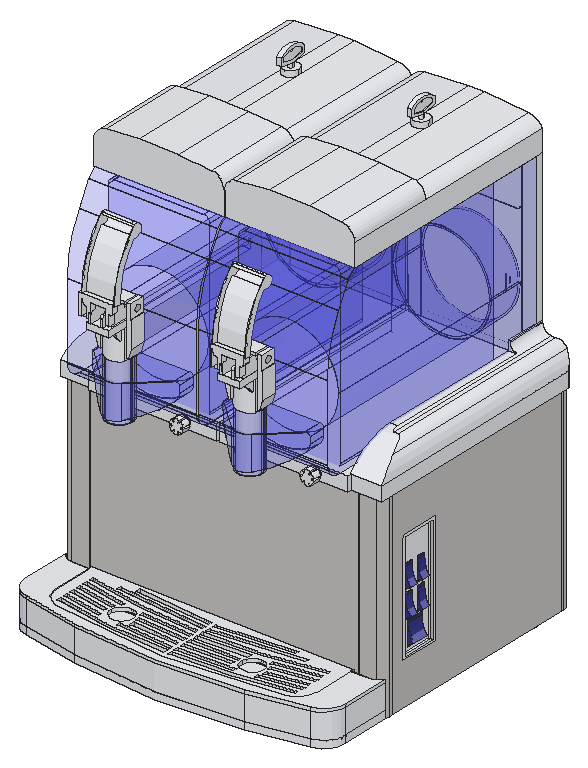
Revit family "QF_ELECTROLUXPROFESSIONAL_560099_SP2New", category Specialty Equipment, Revit 2018
Family settings
  Round Connector Dimension = Use Diameter
  Part Type = Normal
  Work Plane-Based = No
  Always vertical = Yes
  Cut with Voids When Loaded = No
  Shared = No
  Room Calculation Point = No
Parameters (values of type "Standard")
  Watts = 0 W
  Volts = 220 V
  URL Manufacturer = "http://professional.electrolux.com"
  URL = "http://professional.electrolux.com"
  Steam Supply Size = 0 mm
  Steam Supply Minimum Pressure = 0.0 Pa
  Steam Supply Maximum Pressure = 0.0 Pa
  Steam Pounds per Hour = 0
  Refrigeration Suction Line Size = 0 mm
  Refrigeration Liquid Line Size = 0 mm
  Refrigerant Compressor Remote = yes
  Manufacturer = "Electrolux Professional"
  Phase = 1
  Model = "SP2New"
  Length Actual = 447 mm  # constant formula
  Item Number = "560099"
  Hot Water Size = 0 mm
  Height Actual = 613 mm  # constant formula
  HP = "1 HP"
  Gas Size = 0 mm
  Gas KW = 0
  Gas Input Pressure = 0 W
  Direct Waste Size = 0 mm
  Description = "2x5 LITERS BOWL - FROZEN GRANITA AND FROZEN CREAM DISPENSER -  2 INSULATED BOWL"
  Depth Actual = 442 mm  # constant formula
  Cycle = 50 Hz
  Condensate Return Size = 0 mm
  Compressed Air Volume = 0.0 L/s
  Compressed Air Size = 0 mm
  Compressed Air Pressure = 0.0 Pa
  Cold Water Size = 0 mm
  Accessory = yes
Reference planes
  plane 1 "Center (Front/Back)": y = 0
  plane 2 "BASE": z = 0
  plane 3 "Center (Left/Right)": x = 0
  plane 4 "FEET": z = 14
  plane 5 "BACK": y = 212
  plane 6 "LEFT": x = -223.5
  plane 7 "RIGHT": x = 223.5
  plane 8: y = 169
  plane 9: y = -118.5
  plane 10 "BackButton": z = 362.798
  plane 11 "TOP": z = 640
  plane 12 "FRONT": y = -230
Forms (mm)
  Extrusion 1, solid, material "QF_Finishes_Rubber Black"
    sketch origin (-29, 0, 0) x (1, 0, 0) y (0, 1, 0)
      loop
        circle (-163.5, 169) r 12.5
    from 0 to 3
  Blend 2, solid
    base sketch origin (-29, 0, 0) x (1, 0, 0) y (0, 1, 0)
      loop
        circle (-163.5, 169) r 15.5
    top sketch origin (-29, 0, 0) x (1, 0, 0) y (0, 1, 0)
      loop
        circle (-163.5, 169) r 17
    from 3 to 14
  Extrusion 3, solid, material "QF_Finishes_Rubber Black"
    sketch origin (171, 0, 0) x (1, 0, 0) y (0, 1, 0)
      loop
        circle (21.5, 169) r 12.5
    from 0 to 3
  Blend 4, solid
    base sketch origin (171, 0, 0) x (1, 0, 0) y (0, 1, 0)
      loop
        circle (21.5, 169) r 15.5
    top sketch origin (171, 0, 0) x (1, 0, 0) y (0, 1, 0)
      loop
        circle (21.5, 169) r 17
    from 3 to 14
  Extrusion 5, solid, material "QF_Finishes_Rubber Black"
    sketch origin (171, -267.5, 0) x (1, 0, 0) y (0, 1, 0)
      loop
        circle (21.5, 186.5) r 12.5
    from 0 to 3
  Blend 6, solid
    base sketch origin (171, -267.5, 0) x (1, 0, 0) y (0, 1, 0)
      loop
        circle (21.5, 186.5) r 15.5
    top sketch origin (171, -267.5, 0) x (1, 0, 0) y (0, 1, 0)
      loop
        circle (21.5, 186.5) r 17
    from 3 to 14
  Extrusion 7, solid, material "QF_Finishes_Rubber Black"
    sketch origin (-29, -267.5, 0) x (1, 0, 0) y (0, 1, 0)
      loop
        circle (-163.5, 186.5) r 12.5
    from 0 to 3
  Blend 8, solid
    base sketch origin (-29, -267.5, 0) x (1, 0, 0) y (0, 1, 0)
      loop
        circle (-163.5, 186.5) r 15.5
    top sketch origin (-29, -267.5, 0) x (1, 0, 0) y (0, 1, 0)
      loop
        circle (-163.5, 186.5) r 17
    from 3 to 14
  Extrusion 9, solid, material "QF_Finishes_Stainless Steel"
    sketch origin (-198, 50, 14) x (-1, 0, 0) y (0, -1, 0)
      loop
        circle (-21.5, 81) r 10
    from 0 to -10
  Extrusion 10, solid, material "QF_Finishes_Stainless Steel"
    sketch origin (223.5, 0, 0) x (0, -1, 0) y (0, 0, 1)
      loop
        line (-195.256, 14) -> (96.764, 14) -> (96.764, 286) -> (-195.256, 286) -> (-195.256, 14)
      loop
        line (75.773, 225.287) -> (25.71, 225.287) -> (25.71, 75.287) -> (75.773, 75.287) -> (75.773, 225.287)
    from 6 to 3
  Extrusion 11, solid, material "QF_Finishes_Stainless Steel"
    sketch origin (-225.5, 0, 0) x (0, -1, 0) y (0, 0, -1)
      loop
        line (-195.256, -14) -> (-195.256, -286) -> (96.764, -286) -> (96.764, -14) -> (-195.256, -14)
    from 8 to 5
  Extrusion 12, solid, material "QF_Finishes_Stainless Steel"
    sketch origin (0, 0, 14) x (-1, 0, 0) y (0, -1, 0)
      loop
        line (-220.5, 100.829) -> (-220.5, 96.764) -> (-217.5, 96.764) -> (-217.5, 100.829)
        arc (-217.5, 100.829) -> (-215.45, 105.778) -> (-210.5, 107.829) r 7
        line (-210.5, 107.829) -> (-185.657, 107.829) -> (-185.657, 110.829) -> (-210.5, 110.829)
        arc (-210.5, 110.829) -> (-217.571, 107.9) -> (-220.5, 100.829) r 10
    from 0 to 272
  Extrusion 13, solid, material "QF_Finishes_Stainless Steel"
    sketch origin (0, 0, 14) x (1, 0, 0) y (0, 1, 0)
      loop
        arc (-220.5, -100.829) -> (-217.571, -107.9) -> (-210.5, -110.829) r 10
        line (-210.5, -110.829) -> (-185.657, -110.829) -> (-185.657, -107.829) -> (-210.5, -107.829)
        arc (-210.5, -107.829) -> (-215.45, -105.778) -> (-217.5, -100.829) r 7
        line (-217.5, -100.829) -> (-217.5, -96.764) -> (-220.5, -96.764) -> (-220.5, -100.829)
    from 0 to 272
  Extrusion 14, solid, material "QF_Finishes_Stainless Steel"
    sketch origin (0, 98.492, 14) x (-1, 0, 0) y (0, -1, 0)
      loop
        arc (-220.5, -100.829) -> (-217.571, -107.9) -> (-210.5, -110.829) r 10
        line (-210.5, -110.829) -> (-185.657, -110.829) -> (-185.657, -107.829) -> (-210.5, -107.829)
        arc (-210.5, -107.829) -> (-215.45, -105.778) -> (-217.5, -100.829) r 7
        line (-217.5, -100.829) -> (-217.5, -96.764) -> (-220.5, -96.764) -> (-220.5, -100.829)
    from 0 to 272
  Extrusion 15, solid, material "QF_Finishes_Stainless Steel"
    sketch origin (0, 98.492, 14) x (1, 0, 0) y (0, 1, 0)
      loop
        line (-220.5, 100.829) -> (-220.5, 96.764) -> (-217.5, 96.764) -> (-217.5, 100.829)
        arc (-217.5, 100.829) -> (-215.45, 105.778) -> (-210.5, 107.829) r 7
        line (-210.5, 107.829) -> (-185.657, 107.829) -> (-185.657, 110.829) -> (-210.5, 110.829)
        arc (-210.5, 110.829) -> (-217.571, 107.9) -> (-220.5, 100.829) r 10
    from 0 to 272
  Extrusion 16, solid, material "QF_Finishes_White"
    sketch origin (0, 0, 14) x (-1, 0, 0) y (0, -1, 0)
      loop
        line (185.657, -209.321) -> (185.657, -206.321) -> (-185.657, -206.321) -> (-185.657, -209.321) -> (185.657, -209.321)
    from 0 to 272
  Extrusion 17, solid, material "QF_Finishes_Stainless Steel"
    sketch origin (0, 0, 14) x (-1, 0, 0) y (0, -1, 0)
      loop
        line (185.657, 107.829) -> (185.657, 110.829) -> (-185.657, 110.829) -> (-185.657, 107.829) -> (185.657, 107.829)
    from 0 to 272
  Extrusion 18, solid, material "QF_Finishes_White"
    sketch origin (0, 0, 0) x (0, 1, 0) y (0, 0, 1)
      loop
        line (-77.773, 227.287) -> (-77.773, 73.287) -> (-23.71, 73.287) -> (-23.71, 227.287) -> (-77.773, 227.287)
    from 210.5 to 220.5
  Extrusion 19, void
    sketch origin (0, 0, 0) x (0, 1, 0) y (0, 0, 1)
      loop
        line (-75.773, 225.287) -> (-75.773, 75.287) -> (-25.71, 75.287) -> (-25.71, 225.287) -> (-75.773, 225.287)
    from 212.5 to 220.5
  Extrusion 20, solid, material "QF_Finishes_Rubber Black"
    sketch origin (0, -225, 0) x (-1, 0, 0) y (0, 0, 1)
      loop
        line (-212.5, 113.524) -> (-214.745, 113.524) -> (-214.745, 110.624)
        arc (-214.745, 110.624) -> (-216.502, 98.098) -> (-221.637, 86.539) r 45.529
        line (-221.637, 86.539) -> (-214.745, 83.471) -> (-214.745, 81.362) -> (-212.5, 81.362) -> (-212.5, 113.524)
    from 186 to 163
  Extrusion 21, solid, material "QF_Finishes_Rubber Black"
    sketch origin (0, -225, 0) x (-1, 0, 0) y (0, 0, 1)
      loop
        line (-212.5, 185.457) -> (-214.745, 185.457) -> (-214.745, 182.557)
        arc (-214.745, 182.557) -> (-216.502, 170.032) -> (-221.637, 158.473) r 45.529
        line (-221.637, 158.473) -> (-214.745, 155.405) -> (-214.745, 153.296) -> (-212.5, 153.296) -> (-212.5, 185.457)
    from 190 to 180
  Extrusion 22, solid, material "QF_Finishes_Rubber Black"
    sketch origin (0, -225, 0) x (-1, 0, 0) y (0, 0, 1)
      loop
        line (-212.5, 148.728) -> (-214.745, 148.728) -> (-214.745, 145.828)
        arc (-214.745, 145.828) -> (-216.502, 133.303) -> (-221.637, 121.744) r 45.529
        line (-221.637, 121.744) -> (-214.745, 118.675) -> (-214.745, 116.567) -> (-212.5, 116.567) -> (-212.5, 148.728)
    from 190 to 180
  Extrusion 23, solid, material "QF_Finishes_Rubber Black"
    sketch origin (0, 123.518, 0) x (-1, 0, 0) y (0, 0, -1)
      loop
        line (-212.5, -185.457) -> (-212.5, -153.296) -> (-214.745, -153.296) -> (-214.745, -155.405) -> (-221.637, -158.473)
        arc (-221.637, -158.473) -> (-216.502, -170.032) -> (-214.745, -182.557) r 45.529
        line (-214.745, -182.557) -> (-214.745, -185.457) -> (-212.5, -185.457)
    from 190 to 180
  Extrusion 24, solid, material "QF_Finishes_Rubber Black"
    sketch origin (0, 123.518, 0) x (-1, 0, 0) y (0, 0, -1)
      loop
        line (-212.5, -148.728) -> (-212.5, -116.567) -> (-214.745, -116.567) -> (-214.745, -118.675) -> (-221.637, -121.744)
        arc (-221.637, -121.744) -> (-216.502, -133.303) -> (-214.745, -145.828) r 45.529
        line (-214.745, -145.828) -> (-214.745, -148.728) -> (-212.5, -148.728)
    from 190 to 180
  Extrusion 25, solid, material "QF_Finishes_White"
    sketch origin (0, 0, 14) x (-1, 0, 0) y (0, -1, 0)
      loop
        arc (203.5, 118) -> (213.228, 115.474) -> (220.5, 108.536) r 20
        line (220.5, 108.536) -> (220.5, 176.53)
        arc (220.5, 176.53) -> (213.649, 195.612) -> (196.224, 205.979) r 30
        line (196.224, 205.979) -> (117.634, 221.255)
        arc (117.634, 221.255) -> (0, 230) -> (-117.634, 221.255) r 795.559
        line (-117.634, 221.255) -> (-196.224, 205.979)
        arc (-196.224, 205.979) -> (-213.649, 195.612) -> (-220.5, 176.53) r 30
        line (-220.5, 176.53) -> (-220.5, 108.536)
        arc (-220.5, 108.536) -> (-213.228, 115.474) -> (-203.5, 118) r 20
        line (-203.5, 118) -> (-180.657, 118) -> (-180.657, 174.118)
        arc (-180.657, 174.118) -> (-173.912, 193.071) -> (-156.71, 203.501) r 30
        arc (-156.71, 203.501) -> (0, 219.475) -> (156.71, 203.501) r 776.665
        arc (156.71, 203.501) -> (173.912, 193.071) -> (180.657, 174.118) r 30
        line (180.657, 174.118) -> (180.657, 118) -> (203.5, 118)
    from 0 to 49
  Extrusion 26, solid, material "QF_Finishes_White"
    sketch origin (0, 0, 14) x (-1, 0, 0) y (0, -1, 0)
      loop
        line (220.5, 108.536) -> (220.5, 176.53)
        arc (220.5, 176.53) -> (213.649, 195.612) -> (196.224, 205.979) r 30
        line (196.224, 205.979) -> (117.634, 221.255)
        arc (117.634, 221.255) -> (0, 230) -> (-117.634, 221.255) r 795.559
        line (-117.634, 221.255) -> (-196.224, 205.979)
        arc (-196.224, 205.979) -> (-213.649, 195.612) -> (-220.5, 176.53) r 30
        line (-220.5, 176.53) -> (-220.5, 108.536)
        arc (-220.5, 108.536) -> (-213.228, 115.474) -> (-203.5, 118) r 20
        line (-203.5, 118) -> (-180, 118) -> (-180, 113) -> (180, 113) -> (180, 118) -> (203.5, 118)
        arc (203.5, 118) -> (213.228, 115.474) -> (220.5, 108.536) r 20
    from 45 to 49
  Extrusion 27, solid, material "QF_Finishes_White"
    sketch origin (0, 0, 14) x (-1, 0, 0) y (0, -1, 0)
      loop
        line (220.5, 108.536) -> (220.5, 176.53)
        arc (220.5, 176.53) -> (213.649, 195.612) -> (196.224, 205.979) r 30
        line (196.224, 205.979) -> (117.634, 221.255)
        arc (117.634, 221.255) -> (0, 230) -> (-117.634, 221.255) r 795.559
        line (-117.634, 221.255) -> (-196.224, 205.979)
        arc (-196.224, 205.979) -> (-213.649, 195.612) -> (-220.5, 176.53) r 30
        line (-220.5, 176.53) -> (-220.5, 108.536)
        arc (-220.5, 108.536) -> (-213.228, 115.474) -> (-203.5, 118) r 20
        line (-203.5, 118) -> (-180, 118) -> (-180, 113) -> (180, 113) -> (180, 118) -> (203.5, 118)
        arc (203.5, 118) -> (213.228, 115.474) -> (220.5, 108.536) r 20
    from 0 to 10
  Extrusion 28, void
    sketch origin (0, 0, 14) x (-1, 0, 0) y (0, -1, 0)
      loop
        circle (90, 174.177) r 15.5
      loop
        arc (164.485, 193.398) -> (84.102, 206.528) -> (2.783, 211.117) r 772.106
        line (2.783, 211.117) -> (2.783, 205.117)
        arc (2.783, 205.117) -> (84.109, 200.491) -> (164.485, 187.256) r 766.106
        line (164.485, 187.256) -> (164.485, 193.398)
      loop
        line (2.783, 200.117) -> (2.783, 194.117)
        arc (2.783, 194.117) -> (41.62, 192.974) -> (80.347, 189.836) r 755.106
        line (80.347, 189.836) -> (80.347, 195.869)
        arc (80.347, 195.869) -> (41.619, 198.984) -> (2.783, 200.117) r 761.106
      loop
        line (2.783, 189.117) -> (2.783, 183.117)
        arc (2.783, 183.117) -> (36.168, 182.243) -> (69.481, 179.871) r 744.106
        line (69.481, 179.871) -> (69.481, 185.897)
        arc (69.481, 185.897) -> (36.168, 188.25) -> (2.783, 189.117) r 750.106
      loop
        line (2.783, 178.117) -> (2.783, 172.117)
        arc (2.783, 172.117) -> (37.054, 171.185) -> (71.244, 168.652) r 733.106
        line (71.244, 168.652) -> (71.244, 174.681)
        arc (71.244, 174.681) -> (37.054, 177.193) -> (2.783, 178.117) r 739.106
      loop
        line (2.783, 167.117) -> (2.783, 161.117)
        arc (2.783, 161.117) -> (38.826, 160.078) -> (74.773, 157.241) r 722.106
        line (74.773, 157.241) -> (74.773, 163.273)
        arc (74.773, 163.273) -> (38.825, 166.086) -> (2.783, 167.117) r 728.106
      loop
        line (2.783, 156.117) -> (2.783, 150.117)
        arc (2.783, 150.117) -> (84.188, 145.121) -> (164.485, 130.837) r 711.106
        line (164.485, 130.837) -> (164.485, 137.003)
        arc (164.485, 137.003) -> (84.178, 151.165) -> (2.783, 156.117) r 717.106
      loop
        line (107.446, 192.5) -> (107.446, 186.439)
        arc (107.446, 186.439) -> (136.066, 181.762) -> (164.485, 175.99) r 755.106
        line (164.485, 175.99) -> (164.485, 182.136)
        arc (164.485, 182.136) -> (136.064, 187.861) -> (107.446, 192.5) r 761.106
      loop
        line (110.037, 181.007) -> (110.037, 174.941)
        arc (110.037, 174.941) -> (137.356, 170.335) -> (164.485, 164.715) r 744.106
        line (164.485, 164.715) -> (164.485, 170.866)
        arc (164.485, 170.866) -> (137.355, 176.439) -> (110.037, 181.007) r 750.106
      loop
        line (107.446, 170.271) -> (107.446, 164.206)
        arc (107.446, 164.206) -> (136.072, 159.383) -> (164.485, 153.432) r 733.106
        line (164.485, 153.432) -> (164.485, 159.587)
        arc (164.485, 159.587) -> (136.071, 165.489) -> (107.446, 170.271) r 739.106
      loop
        line (101.843, 159.965) -> (101.843, 153.904)
        arc (101.843, 153.904) -> (133.294, 148.713) -> (164.485, 142.139) r 722.106
        line (164.485, 142.139) -> (164.485, 148.3)
        arc (164.485, 148.3) -> (133.292, 154.818) -> (101.843, 159.965) r 728.106
      loop
        line (2.763, 145.117) -> (2.763, 139.117)
        arc (2.763, 139.117) -> (66.368, 135.969) -> (129.424, 127.055) r 700.106
        line (129.424, 127.055) -> (129.424, 133.16)
        arc (129.424, 133.16) -> (66.364, 141.997) -> (2.763, 145.117) r 706.106
      loop
        line (2.72, 134.117) -> (2.72, 128.117)
        arc (2.72, 128.117) -> (56.552, 125.798) -> (110.037, 119.28) r 689.106
        line (110.037, 119.28) -> (110.037, 125.358)
        arc (110.037, 125.358) -> (56.549, 131.818) -> (2.72, 134.117) r 695.106
      loop
        circle (-90, 174.177) r 15.5
      loop
        line (-164.485, 193.398) -> (-164.485, 187.256)
        arc (-164.485, 187.256) -> (-84.109, 200.491) -> (-2.783, 205.117) r 766.106
        line (-2.783, 205.117) -> (-2.783, 211.117)
        arc (-2.783, 211.117) -> (-84.102, 206.528) -> (-164.485, 193.398) r 772.106
      loop
        arc (-2.783, 200.117) -> (-41.619, 198.984) -> (-80.347, 195.869) r 761.106
        line (-80.347, 195.869) -> (-80.347, 189.836)
        arc (-80.347, 189.836) -> (-41.62, 192.974) -> (-2.783, 194.117) r 755.106
        line (-2.783, 194.117) -> (-2.783, 200.117)
      loop
        arc (-2.783, 189.117) -> (-36.168, 188.25) -> (-69.481, 185.897) r 750.106
        line (-69.481, 185.897) -> (-69.481, 179.871)
        arc (-69.481, 179.871) -> (-36.168, 182.243) -> (-2.783, 183.117) r 744.106
        line (-2.783, 183.117) -> (-2.783, 189.117)
      loop
        arc (-2.783, 178.117) -> (-37.054, 177.193) -> (-71.244, 174.681) r 739.106
        line (-71.244, 174.681) -> (-71.244, 168.652)
        arc (-71.244, 168.652) -> (-37.054, 171.185) -> (-2.783, 172.117) r 733.106
        line (-2.783, 172.117) -> (-2.783, 178.117)
      loop
        arc (-2.783, 167.117) -> (-38.825, 166.086) -> (-74.773, 163.273) r 728.106
        line (-74.773, 163.273) -> (-74.773, 157.241)
        arc (-74.773, 157.241) -> (-38.826, 160.078) -> (-2.783, 161.117) r 722.106
        line (-2.783, 161.117) -> (-2.783, 167.117)
      loop
        arc (-2.783, 156.117) -> (-84.178, 151.165) -> (-164.485, 137.003) r 717.106
        line (-164.485, 137.003) -> (-164.485, 130.837)
        arc (-164.485, 130.837) -> (-84.188, 145.121) -> (-2.783, 150.117) r 711.106
        line (-2.783, 150.117) -> (-2.783, 156.117)
      loop
        arc (-107.446, 192.5) -> (-136.064, 187.861) -> (-164.485, 182.136) r 761.106
        line (-164.485, 182.136) -> (-164.485, 175.99)
        arc (-164.485, 175.99) -> (-136.066, 181.762) -> (-107.446, 186.439) r 755.106
        line (-107.446, 186.439) -> (-107.446, 192.5)
      loop
        arc (-110.037, 181.007) -> (-137.355, 176.439) -> (-164.485, 170.866) r 750.106
        line (-164.485, 170.866) -> (-164.485, 164.715)
        arc (-164.485, 164.715) -> (-137.356, 170.335) -> (-110.037, 174.941) r 744.106
        line (-110.037, 174.941) -> (-110.037, 181.007)
      loop
        arc (-107.446, 170.271) -> (-136.071, 165.489) -> (-164.485, 159.587) r 739.106
        line (-164.485, 159.587) -> (-164.485, 153.432)
        arc (-164.485, 153.432) -> (-136.072, 159.383) -> (-107.446, 164.206) r 733.106
        line (-107.446, 164.206) -> (-107.446, 170.271)
      loop
        arc (-101.843, 159.965) -> (-133.292, 154.818) -> (-164.485, 148.3) r 728.106
        line (-164.485, 148.3) -> (-164.485, 142.139)
        arc (-164.485, 142.139) -> (-133.294, 148.713) -> (-101.843, 153.904) r 722.106
        line (-101.843, 153.904) -> (-101.843, 159.965)
      loop
        arc (-2.763, 145.117) -> (-66.364, 141.997) -> (-129.424, 133.16) r 706.106
        line (-129.424, 133.16) -> (-129.424, 127.055)
        arc (-129.424, 127.055) -> (-66.368, 135.969) -> (-2.763, 139.117) r 700.106
        line (-2.763, 139.117) -> (-2.763, 145.117)
      loop
        arc (-2.72, 134.117) -> (-56.549, 131.818) -> (-110.037, 125.358) r 695.106
        line (-110.037, 125.358) -> (-110.037, 119.28)
        arc (-110.037, 119.28) -> (-56.552, 125.798) -> (-2.72, 128.117) r 689.106
        line (-2.72, 128.117) -> (-2.72, 134.117)
    from 35.454 to 54.996
  Extrusion 29, solid, material "QF_Clearances", detail levels coarse
    sketch origin (888.173, -11.659, 0) x (1, 0, 0) y (0, 1, 0)
      loop
        line (-1111.81, -218.341) -> (-1111.81, 223.659) -> (-664.81, 223.659) -> (-664.81, -218.341) -> (-464.81, -218.341) -> (-464.81, 423.659) -> (-1311.81, 423.659) -> (-1311.81, -218.341) -> (-1111.81, -218.341)
    from 0 to 640
Cuts and joins
  Extrusion 19 cuts Extrusion 18
  Extrusion 28 cuts Extrusion 26
  Extrusion 28 cuts Extrusion 27
Lines and regions (mm)
  Split face 1
    outline origin (220.5, 154.141, 0) x (0, -1, 0) y (0, 0, 1)
      loop
        line (54.641, 200.213) -> (-10.359, 200.213) -> (-14.859, 192.213) -> (59.141, 192.213) -> (54.641, 200.213)
  Split face 2
    outline origin (220.5, 154.141, -10) x (0, -1, 0) y (0, 0, 1)
      loop
        line (54.641, 200.213) -> (-10.359, 200.213) -> (-14.859, 192.213) -> (59.141, 192.213) -> (54.641, 200.213)
  Split face 3
    outline origin (220.5, 154.141, -20) x (0, -1, 0) y (0, 0, 1)
      loop
        line (54.641, 200.213) -> (-10.359, 200.213) -> (-14.859, 192.213) -> (59.141, 192.213) -> (54.641, 200.213)
  Split face 4
    outline origin (220.5, 154.141, -30) x (0, -1, 0) y (0, 0, 1)
      loop
        line (54.641, 200.213) -> (-10.359, 200.213) -> (-14.859, 192.213) -> (59.141, 192.213) -> (54.641, 200.213)
  Split face 5
    outline origin (220.5, 154.141, -40) x (0, -1, 0) y (0, 0, 1)
      loop
        line (54.641, 200.213) -> (-10.359, 200.213) -> (-14.859, 192.213) -> (59.141, 192.213) -> (54.641, 200.213)
  Split face 6
    outline origin (220.5, 154.141, -50) x (0, -1, 0) y (0, 0, 1)
      loop
        line (54.641, 200.213) -> (-10.359, 200.213) -> (-14.859, 192.213) -> (59.141, 192.213) -> (54.641, 200.213)
  Split face 7
    outline origin (220.5, 154.141, -60) x (0, -1, 0) y (0, 0, 1)
      loop
        line (54.641, 200.213) -> (-10.359, 200.213) -> (-14.859, 192.213) -> (59.141, 192.213) -> (54.641, 200.213)
  Split face 8
    outline origin (220.5, 154.141, -70) x (0, -1, 0) y (0, 0, 1)
      loop
        line (54.641, 200.213) -> (-10.359, 200.213) -> (-14.859, 192.213) -> (59.141, 192.213) -> (54.641, 200.213)
  Split face 9
    outline origin (220.5, 154.141, -80) x (0, -1, 0) y (0, 0, 1)
      loop
        line (54.641, 200.213) -> (-10.359, 200.213) -> (-14.859, 192.213) -> (59.141, 192.213) -> (54.641, 200.213)
  Split face 10
    outline origin (220.5, 154.141, -90) x (0, -1, 0) y (0, 0, 1)
      loop
        line (54.641, 200.213) -> (-10.359, 200.213) -> (-14.859, 192.213) -> (59.141, 192.213) -> (54.641, 200.213)
  Split face 11
    outline origin (220.5, 154.141, -100) x (0, -1, 0) y (0, 0, 1)
      loop
        line (54.641, 200.213) -> (-10.359, 200.213) -> (-14.859, 192.213) -> (59.141, 192.213) -> (54.641, 200.213)
  Split face 12
    outline origin (220.5, 154.141, -110) x (0, -1, 0) y (0, 0, 1)
      loop
        line (54.641, 200.213) -> (-10.359, 200.213) -> (-14.859, 192.213) -> (59.141, 192.213) -> (54.641, 200.213)
  Split face 13
    outline origin (220.5, 154.141, -120) x (0, -1, 0) y (0, 0, 1)
      loop
        line (54.641, 200.213) -> (-10.359, 200.213) -> (-14.859, 192.213) -> (59.141, 192.213) -> (54.641, 200.213)
  Split face 14
    outline origin (220.5, 154.141, -130) x (0, -1, 0) y (0, 0, 1)
      loop
        line (54.641, 200.213) -> (-10.359, 200.213) -> (-14.859, 192.213) -> (59.141, 192.213) -> (54.641, 200.213)
  Split face 15
    outline origin (220.5, 154.141, -140) x (0, -1, 0) y (0, 0, 1)
      loop
        line (54.641, 200.213) -> (-10.359, 200.213) -> (-14.859, 192.213) -> (59.141, 192.213) -> (54.641, 200.213)
  Split face 16
    outline origin (220.5, 154.141, -150) x (0, -1, 0) y (0, 0, 1)
      loop
        line (54.641, 200.213) -> (-10.359, 200.213) -> (-14.859, 192.213) -> (59.141, 192.213) -> (54.641, 200.213)
  Split face 17
    outline origin (220.5, 154.141, 70) x (0, -1, 0) y (0, 0, 1)
      loop
        line (54.641, 200.213) -> (-10.359, 200.213) -> (-14.859, 192.213) -> (59.141, 192.213) -> (54.641, 200.213)
  Split face 18
    outline origin (220.5, 154.141, 60) x (0, -1, 0) y (0, 0, 1)
      loop
        line (54.641, 200.213) -> (-10.359, 200.213) -> (-14.859, 192.213) -> (59.141, 192.213) -> (54.641, 200.213)
  Split face 19
    outline origin (220.5, 154.141, 50) x (0, -1, 0) y (0, 0, 1)
      loop
        line (54.641, 200.213) -> (-10.359, 200.213) -> (-14.859, 192.213) -> (59.141, 192.213) -> (54.641, 200.213)
  Split face 20
    outline origin (220.5, 154.141, 40) x (0, -1, 0) y (0, 0, 1)
      loop
        line (54.641, 200.213) -> (-10.359, 200.213) -> (-14.859, 192.213) -> (59.141, 192.213) -> (54.641, 200.213)
  Split face 21
    outline origin (220.5, 154.141, 30) x (0, -1, 0) y (0, 0, 1)
      loop
        line (54.641, 200.213) -> (-10.359, 200.213) -> (-14.859, 192.213) -> (59.141, 192.213) -> (54.641, 200.213)
  Split face 22
    outline origin (220.5, 154.141, 20) x (0, -1, 0) y (0, 0, 1)
      loop
        line (54.641, 200.213) -> (-10.359, 200.213) -> (-14.859, 192.213) -> (59.141, 192.213) -> (54.641, 200.213)
  Split face 23
    outline origin (220.5, 154.141, 10) x (0, -1, 0) y (0, 0, 1)
      loop
        line (54.641, 200.213) -> (-10.359, 200.213) -> (-14.859, 192.213) -> (59.141, 192.213) -> (54.641, 200.213)
  Split face 24
    outline origin (-220.5, -2.859, 0) x (0, -1, 0) y (0, 0, -1)
      loop
        line (-30.859, -262.213) -> (-104.859, -262.213) -> (-100.359, -270.213) -> (-35.359, -270.213) -> (-30.859, -262.213)
  Split face 25
    outline origin (-220.5, -2.859, 0) x (0, -1, 0) y (0, 0, -1)
      loop
        line (-30.859, -252.213) -> (-104.859, -252.213) -> (-100.359, -260.213) -> (-35.359, -260.213) -> (-30.859, -252.213)
  Split face 26
    outline origin (-220.5, -2.859, 0) x (0, -1, 0) y (0, 0, -1)
      loop
        line (-30.859, -242.213) -> (-104.859, -242.213) -> (-100.359, -250.213) -> (-35.359, -250.213) -> (-30.859, -242.213)
  Split face 27
    outline origin (-220.5, -2.859, -20) x (0, -1, 0) y (0, 0, -1)
      loop
        line (-30.859, -252.213) -> (-104.859, -252.213) -> (-100.359, -260.213) -> (-35.359, -260.213) -> (-30.859, -252.213)
  Split face 28
    outline origin (-220.5, -2.859, -20) x (0, -1, 0) y (0, 0, -1)
      loop
        line (-30.859, -242.213) -> (-104.859, -242.213) -> (-100.359, -250.213) -> (-35.359, -250.213) -> (-30.859, -242.213)
  Split face 29
    outline origin (-220.5, -2.859, -40) x (0, -1, 0) y (0, 0, -1)
      loop
        line (-30.859, -252.213) -> (-104.859, -252.213) -> (-100.359, -260.213) -> (-35.359, -260.213) -> (-30.859, -252.213)
  Split face 30
    outline origin (-220.5, -2.859, -40) x (0, -1, 0) y (0, 0, -1)
      loop
        line (-30.859, -242.213) -> (-104.859, -242.213) -> (-100.359, -250.213) -> (-35.359, -250.213) -> (-30.859, -242.213)
  Split face 31
    outline origin (-220.5, -2.859, -60) x (0, -1, 0) y (0, 0, -1)
      loop
        line (-30.859, -252.213) -> (-104.859, -252.213) -> (-100.359, -260.213) -> (-35.359, -260.213) -> (-30.859, -252.213)
  Split face 32
    outline origin (-220.5, -2.859, -60) x (0, -1, 0) y (0, 0, -1)
      loop
        line (-30.859, -242.213) -> (-104.859, -242.213) -> (-100.359, -250.213) -> (-35.359, -250.213) -> (-30.859, -242.213)
  Split face 33
    outline origin (-220.5, -2.859, -80) x (0, -1, 0) y (0, 0, -1)
      loop
        line (-30.859, -252.213) -> (-104.859, -252.213) -> (-100.359, -260.213) -> (-35.359, -260.213) -> (-30.859, -252.213)
  Split face 34
    outline origin (-220.5, -2.859, -80) x (0, -1, 0) y (0, 0, -1)
      loop
        line (-30.859, -242.213) -> (-104.859, -242.213) -> (-100.359, -250.213) -> (-35.359, -250.213) -> (-30.859, -242.213)
  Split face 35
    outline origin (-220.5, -2.859, -100) x (0, -1, 0) y (0, 0, -1)
      loop
        line (-30.859, -252.213) -> (-104.859, -252.213) -> (-100.359, -260.213) -> (-35.359, -260.213) -> (-30.859, -252.213)
  Split face 36
    outline origin (-220.5, -2.859, -100) x (0, -1, 0) y (0, 0, -1)
      loop
        line (-30.859, -242.213) -> (-104.859, -242.213) -> (-100.359, -250.213) -> (-35.359, -250.213) -> (-30.859, -242.213)
  Split face 37
    outline origin (-220.5, -2.859, -120) x (0, -1, 0) y (0, 0, -1)
      loop
        line (-30.859, -252.213) -> (-104.859, -252.213) -> (-100.359, -260.213) -> (-35.359, -260.213) -> (-30.859, -252.213)
  Split face 38
    outline origin (-220.5, -2.859, -120) x (0, -1, 0) y (0, 0, -1)
      loop
        line (-30.859, -242.213) -> (-104.859, -242.213) -> (-100.359, -250.213) -> (-35.359, -250.213) -> (-30.859, -242.213)
  Split face 39
    outline origin (-220.5, -2.859, -140) x (0, -1, 0) y (0, 0, -1)
      loop
        line (-30.859, -252.213) -> (-104.859, -252.213) -> (-100.359, -260.213) -> (-35.359, -260.213) -> (-30.859, -252.213)
  Split face 40
    outline origin (-220.5, -2.859, -140) x (0, -1, 0) y (0, 0, -1)
      loop
        line (-30.859, -242.213) -> (-104.859, -242.213) -> (-100.359, -250.213) -> (-35.359, -250.213) -> (-30.859, -242.213)
  Split face 41
    outline origin (-220.5, -2.859, -160) x (0, -1, 0) y (0, 0, -1)
      loop
        line (-30.859, -252.213) -> (-104.859, -252.213) -> (-100.359, -260.213) -> (-35.359, -260.213) -> (-30.859, -252.213)
  Split face 42
    outline origin (-220.5, -2.859, -160) x (0, -1, 0) y (0, 0, -1)
      loop
        line (-30.859, -242.213) -> (-104.859, -242.213) -> (-100.359, -250.213) -> (-35.359, -250.213) -> (-30.859, -242.213)
  Split face 43
    outline origin (-220.5, -2.859, -180) x (0, -1, 0) y (0, 0, -1)
      loop
        line (-30.859, -252.213) -> (-104.859, -252.213) -> (-100.359, -260.213) -> (-35.359, -260.213) -> (-30.859, -252.213)
  Split face 44
    outline origin (-220.5, -2.859, -180) x (0, -1, 0) y (0, 0, -1)
      loop
        line (-30.859, -242.213) -> (-104.859, -242.213) -> (-100.359, -250.213) -> (-35.359, -250.213) -> (-30.859, -242.213)
  Split face 45
    outline origin (-220.5, -2.859, -200) x (0, -1, 0) y (0, 0, -1)
      loop
        line (-30.859, -252.213) -> (-104.859, -252.213) -> (-100.359, -260.213) -> (-35.359, -260.213) -> (-30.859, -252.213)
  Split face 46
    outline origin (-220.5, -2.859, -200) x (0, -1, 0) y (0, 0, -1)
      loop
        line (-30.859, -242.213) -> (-104.859, -242.213) -> (-100.359, -250.213) -> (-35.359, -250.213) -> (-30.859, -242.213)
  Split face 47
    outline origin (-220.5, -92.859, 0) x (0, -1, 0) y (0, 0, -1)
      loop
        line (-30.859, -262.213) -> (-104.859, -262.213) -> (-100.359, -270.213) -> (-35.359, -270.213) -> (-30.859, -262.213)
  Split face 48
    outline origin (-220.5, -92.859, 0) x (0, -1, 0) y (0, 0, -1)
      loop
        line (-30.859, -252.213) -> (-104.859, -252.213) -> (-100.359, -260.213) -> (-35.359, -260.213) -> (-30.859, -252.213)
  Split face 49
    outline origin (-220.5, -92.859, 0) x (0, -1, 0) y (0, 0, -1)
      loop
        line (-30.859, -242.213) -> (-104.859, -242.213) -> (-100.359, -250.213) -> (-35.359, -250.213) -> (-30.859, -242.213)
  Split face 50
    outline origin (-220.5, -92.859, -20) x (0, -1, 0) y (0, 0, -1)
      loop
        line (-30.859, -252.213) -> (-104.859, -252.213) -> (-100.359, -260.213) -> (-35.359, -260.213) -> (-30.859, -252.213)
  Split face 51
    outline origin (-220.5, -92.859, -20) x (0, -1, 0) y (0, 0, -1)
      loop
        line (-30.859, -242.213) -> (-104.859, -242.213) -> (-100.359, -250.213) -> (-35.359, -250.213) -> (-30.859, -242.213)
  Split face 52
    outline origin (-220.5, -92.859, -40) x (0, -1, 0) y (0, 0, -1)
      loop
        line (-30.859, -252.213) -> (-104.859, -252.213) -> (-100.359, -260.213) -> (-35.359, -260.213) -> (-30.859, -252.213)
  Split face 53
    outline origin (-220.5, -92.859, -40) x (0, -1, 0) y (0, 0, -1)
      loop
        line (-30.859, -242.213) -> (-104.859, -242.213) -> (-100.359, -250.213) -> (-35.359, -250.213) -> (-30.859, -242.213)
  Split face 54
    outline origin (-220.5, -92.859, -60) x (0, -1, 0) y (0, 0, -1)
      loop
        line (-30.859, -252.213) -> (-104.859, -252.213) -> (-100.359, -260.213) -> (-35.359, -260.213) -> (-30.859, -252.213)
  Split face 55
    outline origin (-220.5, -92.859, -60) x (0, -1, 0) y (0, 0, -1)
      loop
        line (-30.859, -242.213) -> (-104.859, -242.213) -> (-100.359, -250.213) -> (-35.359, -250.213) -> (-30.859, -242.213)
  Split face 56
    outline origin (-220.5, -92.859, -80) x (0, -1, 0) y (0, 0, -1)
      loop
        line (-30.859, -252.213) -> (-104.859, -252.213) -> (-100.359, -260.213) -> (-35.359, -260.213) -> (-30.859, -252.213)
  Split face 57
    outline origin (-220.5, -92.859, -80) x (0, -1, 0) y (0, 0, -1)
      loop
        line (-30.859, -242.213) -> (-104.859, -242.213) -> (-100.359, -250.213) -> (-35.359, -250.213) -> (-30.859, -242.213)
  Split face 58
    outline origin (-220.5, -92.859, -100) x (0, -1, 0) y (0, 0, -1)
      loop
        line (-30.859, -252.213) -> (-104.859, -252.213) -> (-100.359, -260.213) -> (-35.359, -260.213) -> (-30.859, -252.213)
  Split face 59
    outline origin (-220.5, -92.859, -100) x (0, -1, 0) y (0, 0, -1)
      loop
        line (-30.859, -242.213) -> (-104.859, -242.213) -> (-100.359, -250.213) -> (-35.359, -250.213) -> (-30.859, -242.213)
  Split face 60
    outline origin (-220.5, -92.859, -120) x (0, -1, 0) y (0, 0, -1)
      loop
        line (-30.859, -252.213) -> (-104.859, -252.213) -> (-100.359, -260.213) -> (-35.359, -260.213) -> (-30.859, -252.213)
  Split face 61
    outline origin (-220.5, -92.859, -120) x (0, -1, 0) y (0, 0, -1)
      loop
        line (-30.859, -242.213) -> (-104.859, -242.213) -> (-100.359, -250.213) -> (-35.359, -250.213) -> (-30.859, -242.213)
  Split face 62
    outline origin (-220.5, -92.859, -140) x (0, -1, 0) y (0, 0, -1)
      loop
        line (-30.859, -252.213) -> (-104.859, -252.213) -> (-100.359, -260.213) -> (-35.359, -260.213) -> (-30.859, -252.213)
  Split face 63
    outline origin (-220.5, -92.859, -140) x (0, -1, 0) y (0, 0, -1)
      loop
        line (-30.859, -242.213) -> (-104.859, -242.213) -> (-100.359, -250.213) -> (-35.359, -250.213) -> (-30.859, -242.213)
  Split face 64
    outline origin (-220.5, -92.859, -160) x (0, -1, 0) y (0, 0, -1)
      loop
        line (-30.859, -252.213) -> (-104.859, -252.213) -> (-100.359, -260.213) -> (-35.359, -260.213) -> (-30.859, -252.213)
  Split face 65
    outline origin (-220.5, -92.859, -160) x (0, -1, 0) y (0, 0, -1)
      loop
        line (-30.859, -242.213) -> (-104.859, -242.213) -> (-100.359, -250.213) -> (-35.359, -250.213) -> (-30.859, -242.213)
  Split face 66
    outline origin (-220.5, -92.859, -180) x (0, -1, 0) y (0, 0, -1)
      loop
        line (-30.859, -252.213) -> (-104.859, -252.213) -> (-100.359, -260.213) -> (-35.359, -260.213) -> (-30.859, -252.213)
  Split face 67
    outline origin (-220.5, -92.859, -180) x (0, -1, 0) y (0, 0, -1)
      loop
        line (-30.859, -242.213) -> (-104.859, -242.213) -> (-100.359, -250.213) -> (-35.359, -250.213) -> (-30.859, -242.213)
  Split face 68
    outline origin (-220.5, -92.859, -200) x (0, -1, 0) y (0, 0, -1)
      loop
        line (-30.859, -252.213) -> (-104.859, -252.213) -> (-100.359, -260.213) -> (-35.359, -260.213) -> (-30.859, -252.213)
  Split face 69
    outline origin (-220.5, -92.859, -200) x (0, -1, 0) y (0, 0, -1)
      loop
        line (-30.859, -242.213) -> (-104.859, -242.213) -> (-100.359, -250.213) -> (-35.359, -250.213) -> (-30.859, -242.213)
  Split face 70
    outline origin (-183.458, 209.321, 14) x (1, 0, 0) y (0, 0, -1)
      loop
        line (19.909, -204.404) -> (29.909, -204.404) -> (29.909, -141.98) -> (19.909, -141.98) -> (19.909, -204.404)
  Split face 71
    outline origin (-170.409, 209.321, 14) x (1, 0, 0) y (0, 0, -1)
      loop
        line (19.909, -204.404) -> (29.909, -204.404) -> (29.909, -141.98) -> (19.909, -141.98) -> (19.909, -204.404)
  Split face 72
    outline origin (-157.409, 209.321, 14) x (1, 0, 0) y (0, 0, -1)
      loop
        line (19.909, -204.404) -> (29.909, -204.404) -> (29.909, -141.98) -> (19.909, -141.98) -> (19.909, -204.404)
  Split face 73
    outline origin (-144.409, 209.321, 14) x (1, 0, 0) y (0, 0, -1)
      loop
        line (19.909, -204.404) -> (29.909, -204.404) -> (29.909, -141.98) -> (19.909, -141.98) -> (19.909, -204.404)
  Split face 74
    outline origin (-131.409, 209.321, 14) x (1, 0, 0) y (0, 0, -1)
      loop
        line (19.909, -204.404) -> (29.909, -204.404) -> (29.909, -141.98) -> (19.909, -141.98) -> (19.909, -204.404)
  Split face 75
    outline origin (-118.409, 209.321, 14) x (1, 0, 0) y (0, 0, -1)
      loop
        line (19.909, -204.404) -> (29.909, -204.404) -> (29.909, -141.98) -> (19.909, -141.98) -> (19.909, -204.404)
  Split face 76
    outline origin (-3.542, 209.321, 14) x (-1, 0, 0) y (0, 0, 1)
      loop
        line (-165.091, 204.404) -> (-165.091, 141.98) -> (-155.091, 141.98) -> (-155.091, 204.404) -> (-165.091, 204.404)
  Split face 77
    outline origin (-16.591, 209.321, 14) x (-1, 0, 0) y (0, 0, 1)
      loop
        line (-165.091, 204.404) -> (-165.091, 141.98) -> (-155.091, 141.98) -> (-155.091, 204.404) -> (-165.091, 204.404)
  Split face 78
    outline origin (-29.591, 209.321, 14) x (-1, 0, 0) y (0, 0, 1)
      loop
        line (-165.091, 204.404) -> (-165.091, 141.98) -> (-155.091, 141.98) -> (-155.091, 204.404) -> (-165.091, 204.404)
  Split face 79
    outline origin (-42.591, 209.321, 14) x (-1, 0, 0) y (0, 0, 1)
      loop
        line (-165.091, 204.404) -> (-165.091, 141.98) -> (-155.091, 141.98) -> (-155.091, 204.404) -> (-165.091, 204.404)
  Split face 80
    outline origin (-55.591, 209.321, 14) x (-1, 0, 0) y (0, 0, 1)
      loop
        line (-165.091, 204.404) -> (-165.091, 141.98) -> (-155.091, 141.98) -> (-155.091, 204.404) -> (-165.091, 204.404)
  Split face 81
    outline origin (-183.458, 209.321, -53) x (1, 0, 0) y (0, 0, -1)
      loop
        line (19.909, -204.404) -> (29.909, -204.404) -> (29.909, -141.98) -> (19.909, -141.98) -> (19.909, -204.404)
  Split face 82
    outline origin (-170.409, 209.321, -53) x (1, 0, 0) y (0, 0, -1)
      loop
        line (19.909, -204.404) -> (29.909, -204.404) -> (29.909, -141.98) -> (19.909, -141.98) -> (19.909, -204.404)
  Split face 83
    outline origin (-157.409, 209.321, -53) x (1, 0, 0) y (0, 0, -1)
      loop
        line (19.909, -204.404) -> (29.909, -204.404) -> (29.909, -141.98) -> (19.909, -141.98) -> (19.909, -204.404)
  Split face 84
    outline origin (-144.409, 209.321, -53) x (1, 0, 0) y (0, 0, -1)
      loop
        line (19.909, -204.404) -> (29.909, -204.404) -> (29.909, -141.98) -> (19.909, -141.98) -> (19.909, -204.404)
  Split face 85
    outline origin (-131.409, 209.321, -53) x (1, 0, 0) y (0, 0, -1)
      loop
        line (19.909, -204.404) -> (29.909, -204.404) -> (29.909, -141.98) -> (19.909, -141.98) -> (19.909, -204.404)
  Split face 86
    outline origin (-118.409, 209.321, -53) x (1, 0, 0) y (0, 0, -1)
      loop
        line (19.909, -204.404) -> (29.909, -204.404) -> (29.909, -141.98) -> (19.909, -141.98) -> (19.909, -204.404)
  Split face 87
    outline origin (-3.542, 209.321, -53) x (-1, 0, 0) y (0, 0, 1)
      loop
        line (-165.091, 204.404) -> (-165.091, 141.98) -> (-155.091, 141.98) -> (-155.091, 204.404) -> (-165.091, 204.404)
  Split face 88
    outline origin (-16.591, 209.321, -53) x (-1, 0, 0) y (0, 0, 1)
      loop
        line (-165.091, 204.404) -> (-165.091, 141.98) -> (-155.091, 141.98) -> (-155.091, 204.404) -> (-165.091, 204.404)
  Split face 89
    outline origin (-29.591, 209.321, -53) x (-1, 0, 0) y (0, 0, 1)
      loop
        line (-165.091, 204.404) -> (-165.091, 141.98) -> (-155.091, 141.98) -> (-155.091, 204.404) -> (-165.091, 204.404)
  Split face 90
    outline origin (-42.591, 209.321, -53) x (-1, 0, 0) y (0, 0, 1)
      loop
        line (-165.091, 204.404) -> (-165.091, 141.98) -> (-155.091, 141.98) -> (-155.091, 204.404) -> (-165.091, 204.404)
  Split face 91
    outline origin (-55.591, 209.321, -53) x (-1, 0, 0) y (0, 0, 1)
      loop
        line (-165.091, 204.404) -> (-165.091, 141.98) -> (-155.091, 141.98) -> (-155.091, 204.404) -> (-165.091, 204.404)
  Split face 92
    outline origin (-183.458, 209.321, -120) x (1, 0, 0) y (0, 0, -1)
      loop
        line (19.909, -204.404) -> (29.909, -204.404) -> (29.909, -141.98) -> (19.909, -141.98) -> (19.909, -204.404)
  Split face 93
    outline origin (-170.409, 209.321, -120) x (1, 0, 0) y (0, 0, -1)
      loop
        line (19.909, -204.404) -> (29.909, -204.404) -> (29.909, -141.98) -> (19.909, -141.98) -> (19.909, -204.404)
  Split face 94
    outline origin (-157.409, 209.321, -120) x (1, 0, 0) y (0, 0, -1)
      loop
        line (19.909, -204.404) -> (29.909, -204.404) -> (29.909, -141.98) -> (19.909, -141.98) -> (19.909, -204.404)
  Split face 95
    outline origin (-144.409, 209.321, -120) x (1, 0, 0) y (0, 0, -1)
      loop
        line (19.909, -204.404) -> (29.909, -204.404) -> (29.909, -141.98) -> (19.909, -141.98) -> (19.909, -204.404)
  Split face 96
    outline origin (-131.409, 209.321, -120) x (1, 0, 0) y (0, 0, -1)
      loop
        line (19.909, -204.404) -> (29.909, -204.404) -> (29.909, -141.98) -> (19.909, -141.98) -> (19.909, -204.404)
  Split face 97
    outline origin (-118.409, 209.321, -120) x (1, 0, 0) y (0, 0, -1)
      loop
        line (19.909, -204.404) -> (29.909, -204.404) -> (29.909, -141.98) -> (19.909, -141.98) -> (19.909, -204.404)
  Split face 98
    outline origin (-3.542, 209.321, -120) x (-1, 0, 0) y (0, 0, 1)
      loop
        line (-165.091, 204.404) -> (-165.091, 141.98) -> (-155.091, 141.98) -> (-155.091, 204.404) -> (-165.091, 204.404)
  Split face 99
    outline origin (-16.591, 209.321, -120) x (-1, 0, 0) y (0, 0, 1)
      loop
        line (-165.091, 204.404) -> (-165.091, 141.98) -> (-155.091, 141.98) -> (-155.091, 204.404) -> (-165.091, 204.404)
  Split face 100
    outline origin (-29.591, 209.321, -120) x (-1, 0, 0) y (0, 0, 1)
      loop
        line (-165.091, 204.404) -> (-165.091, 141.98) -> (-155.091, 141.98) -> (-155.091, 204.404) -> (-165.091, 204.404)
  Split face 101
    outline origin (-42.591, 209.321, -120) x (-1, 0, 0) y (0, 0, 1)
      loop
        line (-165.091, 204.404) -> (-165.091, 141.98) -> (-155.091, 141.98) -> (-155.091, 204.404) -> (-165.091, 204.404)
  Split face 102
    outline origin (-55.591, 209.321, -120) x (-1, 0, 0) y (0, 0, 1)
      loop
        line (-165.091, 204.404) -> (-165.091, 141.98) -> (-155.091, 141.98) -> (-155.091, 204.404) -> (-165.091, 204.404)
  Split face 103
    outline origin (-68.792, 209.321, 14) x (-1, 0, 0) y (0, 0, 1)
      loop
        line (-165.091, 204.404) -> (-165.091, 141.98) -> (-155.091, 141.98) -> (-155.091, 204.404) -> (-165.091, 204.404)
  Split face 104
    outline origin (-81.841, 209.321, 14) x (-1, 0, 0) y (0, 0, 1)
      loop
        line (-165.091, 204.404) -> (-165.091, 141.98) -> (-155.091, 141.98) -> (-155.091, 204.404) -> (-165.091, 204.404)
  Split face 105
    outline origin (-94.841, 209.321, 14) x (-1, 0, 0) y (0, 0, 1)
      loop
        line (-165.091, 204.404) -> (-165.091, 141.98) -> (-155.091, 141.98) -> (-155.091, 204.404) -> (-165.091, 204.404)
  Split face 106
    outline origin (-107.841, 209.321, 14) x (-1, 0, 0) y (0, 0, 1)
      loop
        line (-165.091, 204.404) -> (-165.091, 141.98) -> (-155.091, 141.98) -> (-155.091, 204.404) -> (-165.091, 204.404)
  Split face 107
    outline origin (-120.841, 209.321, 14) x (-1, 0, 0) y (0, 0, 1)
      loop
        line (-165.091, 204.404) -> (-165.091, 141.98) -> (-155.091, 141.98) -> (-155.091, 204.404) -> (-165.091, 204.404)
  Split face 108
    outline origin (-68.792, 209.321, -53) x (-1, 0, 0) y (0, 0, 1)
      loop
        line (-165.091, 204.404) -> (-165.091, 141.98) -> (-155.091, 141.98) -> (-155.091, 204.404) -> (-165.091, 204.404)
  Split face 109
    outline origin (-81.841, 209.321, -53) x (-1, 0, 0) y (0, 0, 1)
      loop
        line (-165.091, 204.404) -> (-165.091, 141.98) -> (-155.091, 141.98) -> (-155.091, 204.404) -> (-165.091, 204.404)
  Split face 110
    outline origin (-94.841, 209.321, -53) x (-1, 0, 0) y (0, 0, 1)
      loop
        line (-165.091, 204.404) -> (-165.091, 141.98) -> (-155.091, 141.98) -> (-155.091, 204.404) -> (-165.091, 204.404)
  Split face 111
    outline origin (-107.841, 209.321, -53) x (-1, 0, 0) y (0, 0, 1)
      loop
        line (-165.091, 204.404) -> (-165.091, 141.98) -> (-155.091, 141.98) -> (-155.091, 204.404) -> (-165.091, 204.404)
  Split face 112
    outline origin (-120.841, 209.321, -53) x (-1, 0, 0) y (0, 0, 1)
      loop
        line (-165.091, 204.404) -> (-165.091, 141.98) -> (-155.091, 141.98) -> (-155.091, 204.404) -> (-165.091, 204.404)
  Split face 113
    outline origin (-68.792, 209.321, -120) x (-1, 0, 0) y (0, 0, 1)
      loop
        line (-165.091, 204.404) -> (-165.091, 141.98) -> (-155.091, 141.98) -> (-155.091, 204.404) -> (-165.091, 204.404)
  Split face 114
    outline origin (-81.841, 209.321, -120) x (-1, 0, 0) y (0, 0, 1)
      loop
        line (-165.091, 204.404) -> (-165.091, 141.98) -> (-155.091, 141.98) -> (-155.091, 204.404) -> (-165.091, 204.404)
  Split face 115
    outline origin (-94.841, 209.321, -120) x (-1, 0, 0) y (0, 0, 1)
      loop
        line (-165.091, 204.404) -> (-165.091, 141.98) -> (-155.091, 141.98) -> (-155.091, 204.404) -> (-165.091, 204.404)
  Split face 116
    outline origin (-107.841, 209.321, -120) x (-1, 0, 0) y (0, 0, 1)
      loop
        line (-165.091, 204.404) -> (-165.091, 141.98) -> (-155.091, 141.98) -> (-155.091, 204.404) -> (-165.091, 204.404)
  Split face 117
    outline origin (-120.841, 209.321, -120) x (-1, 0, 0) y (0, 0, 1)
      loop
        line (-165.091, 204.404) -> (-165.091, 141.98) -> (-155.091, 141.98) -> (-155.091, 204.404) -> (-165.091, 204.404)
  Split face 118
    outline origin (-134.042, 209.321, 14) x (-1, 0, 0) y (0, 0, 1)
      loop
        line (-165.091, 204.404) -> (-165.091, 141.98) -> (-155.091, 141.98) -> (-155.091, 204.404) -> (-165.091, 204.404)
  Split face 119
    outline origin (-147.091, 209.321, 14) x (-1, 0, 0) y (0, 0, 1)
      loop
        line (-165.091, 204.404) -> (-165.091, 141.98) -> (-155.091, 141.98) -> (-155.091, 204.404) -> (-165.091, 204.404)
  Split face 120
    outline origin (-160.091, 209.321, 14) x (-1, 0, 0) y (0, 0, 1)
      loop
        line (-165.091, 204.404) -> (-165.091, 141.98) -> (-155.091, 141.98) -> (-155.091, 204.404) -> (-165.091, 204.404)
  Split face 121
    outline origin (-173.091, 209.321, 14) x (-1, 0, 0) y (0, 0, 1)
      loop
        line (-165.091, 204.404) -> (-165.091, 141.98) -> (-155.091, 141.98) -> (-155.091, 204.404) -> (-165.091, 204.404)
  Split face 122
    outline origin (-186.091, 209.321, 14) x (-1, 0, 0) y (0, 0, 1)
      loop
        line (-165.091, 204.404) -> (-165.091, 141.98) -> (-155.091, 141.98) -> (-155.091, 204.404) -> (-165.091, 204.404)
  Split face 123
    outline origin (-134.042, 209.321, -53) x (-1, 0, 0) y (0, 0, 1)
      loop
        line (-165.091, 204.404) -> (-165.091, 141.98) -> (-155.091, 141.98) -> (-155.091, 204.404) -> (-165.091, 204.404)
  Split face 124
    outline origin (-147.091, 209.321, -53) x (-1, 0, 0) y (0, 0, 1)
      loop
        line (-165.091, 204.404) -> (-165.091, 141.98) -> (-155.091, 141.98) -> (-155.091, 204.404) -> (-165.091, 204.404)
  Split face 125
    outline origin (-160.091, 209.321, -53) x (-1, 0, 0) y (0, 0, 1)
      loop
        line (-165.091, 204.404) -> (-165.091, 141.98) -> (-155.091, 141.98) -> (-155.091, 204.404) -> (-165.091, 204.404)
  Split face 126
    outline origin (-173.091, 209.321, -53) x (-1, 0, 0) y (0, 0, 1)
      loop
        line (-165.091, 204.404) -> (-165.091, 141.98) -> (-155.091, 141.98) -> (-155.091, 204.404) -> (-165.091, 204.404)
  Split face 127
    outline origin (-186.091, 209.321, -53) x (-1, 0, 0) y (0, 0, 1)
      loop
        line (-165.091, 204.404) -> (-165.091, 141.98) -> (-155.091, 141.98) -> (-155.091, 204.404) -> (-165.091, 204.404)
  Split face 128
    outline origin (-134.042, 209.321, -120) x (-1, 0, 0) y (0, 0, 1)
      loop
        line (-165.091, 204.404) -> (-165.091, 141.98) -> (-155.091, 141.98) -> (-155.091, 204.404) -> (-165.091, 204.404)
  Split face 129
    outline origin (-147.091, 209.321, -120) x (-1, 0, 0) y (0, 0, 1)
      loop
        line (-165.091, 204.404) -> (-165.091, 141.98) -> (-155.091, 141.98) -> (-155.091, 204.404) -> (-165.091, 204.404)
  Split face 130
    outline origin (-160.091, 209.321, -120) x (-1, 0, 0) y (0, 0, 1)
      loop
        line (-165.091, 204.404) -> (-165.091, 141.98) -> (-155.091, 141.98) -> (-155.091, 204.404) -> (-165.091, 204.404)
  Split face 131
    outline origin (-173.091, 209.321, -120) x (-1, 0, 0) y (0, 0, 1)
      loop
        line (-165.091, 204.404) -> (-165.091, 141.98) -> (-155.091, 141.98) -> (-155.091, 204.404) -> (-165.091, 204.404)
  Split face 132
    outline origin (-186.091, 209.321, -120) x (-1, 0, 0) y (0, 0, 1)
      loop
        line (-165.091, 204.404) -> (-165.091, 141.98) -> (-155.091, 141.98) -> (-155.091, 204.404) -> (-165.091, 204.404)
  Split face 133
    outline origin (-199.292, 209.321, 14) x (-1, 0, 0) y (0, 0, 1)
      loop
        line (-165.091, 204.404) -> (-165.091, 141.98) -> (-155.091, 141.98) -> (-155.091, 204.404) -> (-165.091, 204.404)
  Split face 134
    outline origin (-212.341, 209.321, 14) x (-1, 0, 0) y (0, 0, 1)
      loop
        line (-165.091, 204.404) -> (-165.091, 141.98) -> (-155.091, 141.98) -> (-155.091, 204.404) -> (-165.091, 204.404)
  Split face 135
    outline origin (-225.341, 209.321, 14) x (-1, 0, 0) y (0, 0, 1)
      loop
        line (-165.091, 204.404) -> (-165.091, 141.98) -> (-155.091, 141.98) -> (-155.091, 204.404) -> (-165.091, 204.404)
  Split face 136
    outline origin (-238.341, 209.321, 14) x (-1, 0, 0) y (0, 0, 1)
      loop
        line (-165.091, 204.404) -> (-165.091, 141.98) -> (-155.091, 141.98) -> (-155.091, 204.404) -> (-165.091, 204.404)
  Split face 137
    outline origin (-199.292, 209.321, -53) x (-1, 0, 0) y (0, 0, 1)
      loop
        line (-165.091, 204.404) -> (-165.091, 141.98) -> (-155.091, 141.98) -> (-155.091, 204.404) -> (-165.091, 204.404)
  Split face 138
    outline origin (-212.341, 209.321, -53) x (-1, 0, 0) y (0, 0, 1)
      loop
        line (-165.091, 204.404) -> (-165.091, 141.98) -> (-155.091, 141.98) -> (-155.091, 204.404) -> (-165.091, 204.404)
  Split face 139
    outline origin (-225.341, 209.321, -53) x (-1, 0, 0) y (0, 0, 1)
      loop
        line (-165.091, 204.404) -> (-165.091, 141.98) -> (-155.091, 141.98) -> (-155.091, 204.404) -> (-165.091, 204.404)
  Split face 140
    outline origin (-238.341, 209.321, -53) x (-1, 0, 0) y (0, 0, 1)
      loop
        line (-165.091, 204.404) -> (-165.091, 141.98) -> (-155.091, 141.98) -> (-155.091, 204.404) -> (-165.091, 204.404)
  Split face 141
    outline origin (-199.292, 209.321, -120) x (-1, 0, 0) y (0, 0, 1)
      loop
        line (-165.091, 204.404) -> (-165.091, 141.98) -> (-155.091, 141.98) -> (-155.091, 204.404) -> (-165.091, 204.404)
  Split face 142
    outline origin (-212.341, 209.321, -120) x (-1, 0, 0) y (0, 0, 1)
      loop
        line (-165.091, 204.404) -> (-165.091, 141.98) -> (-155.091, 141.98) -> (-155.091, 204.404) -> (-165.091, 204.404)
  Split face 143
    outline origin (-225.341, 209.321, -120) x (-1, 0, 0) y (0, 0, 1)
      loop
        line (-165.091, 204.404) -> (-165.091, 141.98) -> (-155.091, 141.98) -> (-155.091, 204.404) -> (-165.091, 204.404)
  Split face 144
    outline origin (-238.341, 209.321, -120) x (-1, 0, 0) y (0, 0, 1)
      loop
        line (-165.091, 204.404) -> (-165.091, 141.98) -> (-155.091, 141.98) -> (-155.091, 204.404) -> (-165.091, 204.404)
  Split face 145
    outline origin (220.5, 64.141, 0) x (0, -1, 0) y (0, 0, 1)
      loop
        line (54.641, 200.213) -> (-10.359, 200.213) -> (-14.859, 192.213) -> (59.141, 192.213) -> (54.641, 200.213)
  Split face 146
    outline origin (220.5, 64.141, -10) x (0, -1, 0) y (0, 0, 1)
      loop
        line (54.641, 200.213) -> (-10.359, 200.213) -> (-14.859, 192.213) -> (59.141, 192.213) -> (54.641, 200.213)
  Split face 147
    outline origin (220.5, 64.141, -20) x (0, -1, 0) y (0, 0, 1)
      loop
        line (54.641, 200.213) -> (-10.359, 200.213) -> (-14.859, 192.213) -> (59.141, 192.213) -> (54.641, 200.213)
  Split face 148
    outline origin (220.5, 64.141, -30) x (0, -1, 0) y (0, 0, 1)
      loop
        line (54.641, 200.213) -> (-10.359, 200.213) -> (-14.859, 192.213) -> (59.141, 192.213) -> (54.641, 200.213)
  Split face 149
    outline origin (220.5, 64.141, -40) x (0, -1, 0) y (0, 0, 1)
      loop
        line (54.641, 200.213) -> (-10.359, 200.213) -> (-14.859, 192.213) -> (59.141, 192.213) -> (54.641, 200.213)
  Split face 150
    outline origin (220.5, 64.141, -50) x (0, -1, 0) y (0, 0, 1)
      loop
        line (54.641, 200.213) -> (-10.359, 200.213) -> (-14.859, 192.213) -> (59.141, 192.213) -> (54.641, 200.213)
  Split face 151
    outline origin (220.5, 64.141, -60) x (0, -1, 0) y (0, 0, 1)
      loop
        line (54.641, 200.213) -> (-10.359, 200.213) -> (-14.859, 192.213) -> (59.141, 192.213) -> (54.641, 200.213)
  Split face 152
    outline origin (220.5, 64.141, -70) x (0, -1, 0) y (0, 0, 1)
      loop
        line (54.641, 200.213) -> (-10.359, 200.213) -> (-14.859, 192.213) -> (59.141, 192.213) -> (54.641, 200.213)
  Split face 153
    outline origin (220.5, 64.141, -80) x (0, -1, 0) y (0, 0, 1)
      loop
        line (54.641, 200.213) -> (-10.359, 200.213) -> (-14.859, 192.213) -> (59.141, 192.213) -> (54.641, 200.213)
  Split face 154
    outline origin (220.5, 64.141, -90) x (0, -1, 0) y (0, 0, 1)
      loop
        line (54.641, 200.213) -> (-10.359, 200.213) -> (-14.859, 192.213) -> (59.141, 192.213) -> (54.641, 200.213)
  Split face 155
    outline origin (220.5, 64.141, -100) x (0, -1, 0) y (0, 0, 1)
      loop
        line (54.641, 200.213) -> (-10.359, 200.213) -> (-14.859, 192.213) -> (59.141, 192.213) -> (54.641, 200.213)
  Split face 156
    outline origin (220.5, 64.141, -110) x (0, -1, 0) y (0, 0, 1)
      loop
        line (54.641, 200.213) -> (-10.359, 200.213) -> (-14.859, 192.213) -> (59.141, 192.213) -> (54.641, 200.213)
  Split face 157
    outline origin (220.5, 64.141, -120) x (0, -1, 0) y (0, 0, 1)
      loop
        line (54.641, 200.213) -> (-10.359, 200.213) -> (-14.859, 192.213) -> (59.141, 192.213) -> (54.641, 200.213)
  Split face 158
    outline origin (220.5, 64.141, -130) x (0, -1, 0) y (0, 0, 1)
      loop
        line (54.641, 200.213) -> (-10.359, 200.213) -> (-14.859, 192.213) -> (59.141, 192.213) -> (54.641, 200.213)
  Split face 159
    outline origin (220.5, 64.141, -140) x (0, -1, 0) y (0, 0, 1)
      loop
        line (54.641, 200.213) -> (-10.359, 200.213) -> (-14.859, 192.213) -> (59.141, 192.213) -> (54.641, 200.213)
  Split face 160
    outline origin (220.5, 64.141, -150) x (0, -1, 0) y (0, 0, 1)
      loop
        line (54.641, 200.213) -> (-10.359, 200.213) -> (-14.859, 192.213) -> (59.141, 192.213) -> (54.641, 200.213)
  Split face 161
    outline origin (220.5, 64.141, 70) x (0, -1, 0) y (0, 0, 1)
      loop
        line (54.641, 200.213) -> (-10.359, 200.213) -> (-14.859, 192.213) -> (59.141, 192.213) -> (54.641, 200.213)
  Split face 162
    outline origin (220.5, 64.141, 60) x (0, -1, 0) y (0, 0, 1)
      loop
        line (54.641, 200.213) -> (-10.359, 200.213) -> (-14.859, 192.213) -> (59.141, 192.213) -> (54.641, 200.213)
  Split face 163
    outline origin (220.5, 64.141, 50) x (0, -1, 0) y (0, 0, 1)
      loop
        line (54.641, 200.213) -> (-10.359, 200.213) -> (-14.859, 192.213) -> (59.141, 192.213) -> (54.641, 200.213)
  Split face 164
    outline origin (220.5, 64.141, 40) x (0, -1, 0) y (0, 0, 1)
      loop
        line (54.641, 200.213) -> (-10.359, 200.213) -> (-14.859, 192.213) -> (59.141, 192.213) -> (54.641, 200.213)
  Split face 165
    outline origin (220.5, 64.141, 30) x (0, -1, 0) y (0, 0, 1)
      loop
        line (54.641, 200.213) -> (-10.359, 200.213) -> (-14.859, 192.213) -> (59.141, 192.213) -> (54.641, 200.213)
  Split face 166
    outline origin (220.5, 64.141, 20) x (0, -1, 0) y (0, 0, 1)
      loop
        line (54.641, 200.213) -> (-10.359, 200.213) -> (-14.859, 192.213) -> (59.141, 192.213) -> (54.641, 200.213)
  Split face 167
    outline origin (220.5, 64.141, 10) x (0, -1, 0) y (0, 0, 1)
      loop
        line (54.641, 200.213) -> (-10.359, 200.213) -> (-14.859, 192.213) -> (59.141, 192.213) -> (54.641, 200.213)
  symbolic lines
    curve 1: line (-210.546, 212, 14) -> (208, 212, 14)
    curve 2: line (-220.5, -108.536, 14) -> (-220.5, -176.53, 14)
    curve 3: line (180.657, -118, 14) -> (180.657, -174.118, 14)
    curve 4: line (220.5, -176.53, 14) -> (220.5, -108.536, 14)
    curve 5: arc (196.224, -205.979, 14) -> (213.649, -195.612, 14) -> (220.5, -176.53, 14) r 30
    curve 6: line (117.634, -221.255, 14) -> (196.224, -205.979, 14)
    curve 7: arc (180.657, -174.118, 14) -> (173.912, -193.071, 14) -> (156.71, -203.501, 14) r 30
    curve 8: arc (156.71, -203.501, 14) -> (133.918, -207.843, 14) -> (111.006, -211.501, 14) r 776.665
    curve 9: line (-196.224, -205.979, 14) -> (-117.634, -221.255, 14)
    curve 10: arc (-220.5, -176.53, 14) -> (-213.649, -195.612, 14) -> (-196.224, -205.979, 14) r 30
    curve 11: arc (-117.634, -221.255, 14) -> (0, -230, 14) -> (117.634, -221.255, 14) r 795.559
